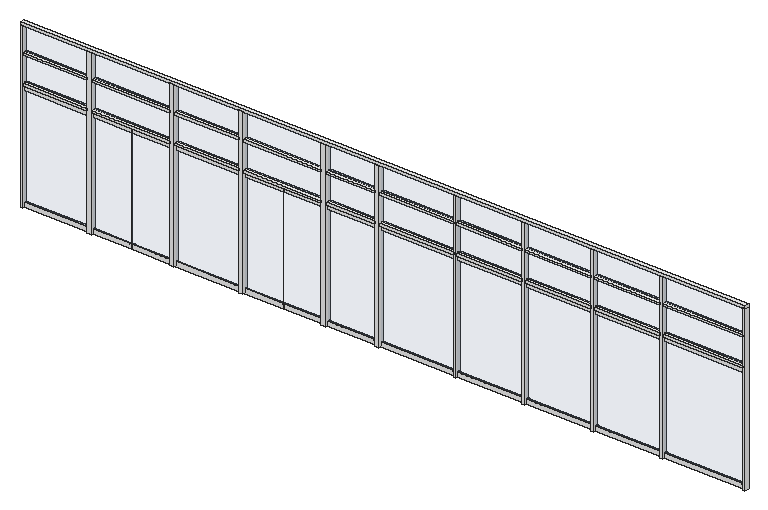
Revit family
Parameters
  프레임 투영 외부. = 25 mm
  프레임 투영 내부. = 25 mm
  프레임 폭 = 75 mm
  Height = 3600 mm
  Wall Closure = (empty or 0)
  Width = 15765 mm
  문 폭 = 1800 mm
  문 두께 = 100 mm
  문 패널 = SSD6 문 패널
  문 높이 = 2400 mm
  문 프레임 = SSD6 문 프레임
Reference planes
  plane 1: y = 0
  plane 2 "왼쪽": x = -9107.5
  plane 3 "오른쪽": x = 6657.5
  plane 4: z = 3600
  plane 5 "외부": y = 75
  plane 6 "내부": y = -75
  plane 7: x = -9057.5
  plane 8: y = 50
  plane 9: y = -50
  plane 10: z = 3550
  plane 11: z = 2375
  plane 12: z = 2425
  plane 13: z = 2275
  plane 14: z = 100
  plane 15: y = 6
  plane 16: y = -6
  plane 17: y = 16
  plane 18: y = -16
  plane 19: x = -1225
  plane 20: z = 600
  plane 21: z = 1200
  plane 22: z = 2400
  plane 23: z = 3000
  plane 24: z = 2975
  plane 25: z = 3025
  plane 26: x = -2507.5
  plane 27: x = -2557.5
  plane 28: x = -3342.5
  plane 29: x = -3472.5
  plane 30: x = -4307.5
  plane 31: x = -5757.5
  plane 32: x = -5807.5
  plane 33: x = -3407.5
  plane 34: x = -7607.5
  plane 35: x = -5857.5
  plane 36: x = -1347.5
  plane 37: x = 342.5
  plane 38: x = 1842.5
  plane 39: x = 3342.5
  plane 40: x = -2457.5
  plane 41: x = -4357.5
  plane 42: x = -4257.5
  plane 43: x = -1297.5
  plane 44: x = -1397.5
  plane 45: x = 317.5
  plane 46: x = 367.5
  plane 47: x = 1817.5
  plane 48: x = 1867.5
  plane 49: x = 3367.5
  plane 50: x = 3317.5
  plane 51: x = 6607.5
  plane 52: x = -7657.5
  plane 53: x = -7557.5
  plane 54: x = 4842.5
  plane 55: x = 4867.5
  plane 56: x = 4817.5
  plane 57: x = -6642.5
  plane 58: x = -6772.5
  plane 59: x = -6707.5
Forms (mm)
  Extrusion 1, solid, material "SSD6 문 프레임" <- "문 프레임"
    sketch origin (-2581.693, 300, 3000) x (0, 1, 0) y (1, 0, 0)
      loop
        line (-250, -6525.807) -> (-250, -6475.807) -> (-350, -6475.807) -> (-350, -6525.807) -> (-250, -6525.807)
      loop
        line (-250, -5075.807) -> (-250, -4975.807) -> (-350, -4975.807) -> (-350, -5075.807) -> (-250, -5075.807)
      loop
        line (-250, -3275.807) -> (-250, -3175.807) -> (-350, -3175.807) -> (-350, -3275.807) -> (-250, -3275.807)
      loop
        line (-250, -1775.807) -> (-250, -1675.807) -> (-350, -1675.807) -> (-350, -1775.807) -> (-250, -1775.807)
      loop
        line (-250, 24.193) -> (-250, 124.193) -> (-350, 124.193) -> (-350, 24.193) -> (-250, 24.193)
      loop
        line (-250, 1184.193) -> (-250, 1284.193) -> (-350, 1284.193) -> (-350, 1184.193) -> (-250, 1184.193)
      loop
        line (-250, 2899.193) -> (-250, 2949.193) -> (-350, 2949.193) -> (-350, 2899.193) -> (-250, 2899.193)
      loop
        line (-250, 4399.193) -> (-250, 4449.193) -> (-350, 4449.193) -> (-350, 4399.193) -> (-250, 4399.193)
      loop
        line (-250, 5899.193) -> (-250, 5949.193) -> (-350, 5949.193) -> (-350, 5899.193) -> (-250, 5899.193)
      loop
        line (-250, 9189.193) -> (-250, 9239.193) -> (-350, 9239.193) -> (-350, 9189.193) -> (-250, 9189.193)
      loop
        line (-250, 7399.193) -> (-250, 7449.193) -> (-350, 7449.193) -> (-350, 7399.193) -> (-250, 7399.193)
    from -550 to 3000
  Extrusion 2, solid, material "SSD6 문 프레임" <- "문 프레임"
    sketch origin (-2581.693, 300, 3000) x (0, 1, 0) y (1, 0, 0)
      loop
        line (-250, -6525.807) -> (-250, 9239.193) -> (-350, 9239.193) -> (-350, -6525.807) -> (-250, -6525.807)
    from -600 to -550
  Extrusion 3, solid, material "SSD6 문 프레임" <- "문 프레임"
    sketch origin (3388.377, 300, 100) x (1, 0, 0) y (0, 1, 0)
      loop
        line (-12445.877, -284) -> (-12445.877, -294) -> (-11045.877, -294) -> (-11045.877, -284) -> (-12445.877, -284)
      loop
        line (-12445.877, -316) -> (-11045.877, -316) -> (-11045.877, -306) -> (-12445.877, -306) -> (-12445.877, -316)
    from -100 to 0
  Extrusion 4, solid, material "SSD6 문 프레임" <- "문 프레임"
    sketch origin (3388.377, 300, 100) x (1, 0, 0) y (0, 1, 0)
      loop
        line (-10945.877, -294) -> (-10095.877, -294) -> (-10095.877, -284) -> (-10945.877, -284) -> (-10945.877, -294)
      loop
        line (-10945.877, -316) -> (-10095.877, -316) -> (-10095.877, -306) -> (-10945.877, -306) -> (-10945.877, -316)
    from -100 to 0
  Extrusion 5, solid, material "SSD6 문 프레임" <- "문 프레임"
    sketch origin (3388.377, 300, 100) x (1, 0, 0) y (0, 1, 0)
      loop
        line (-9145.877, -294) -> (-7745.877, -294) -> (-7745.877, -284) -> (-9145.877, -284) -> (-9145.877, -294)
      loop
        line (-9145.877, -316) -> (-7745.877, -316) -> (-7745.877, -306) -> (-9145.877, -306) -> (-9145.877, -316)
    from -100 to 0
  Extrusion 6, solid, material "SSD6 문 프레임" <- "문 프레임"
    sketch origin (3388.377, 300, 100) x (1, 0, 0) y (0, 1, 0)
      loop
        line (-10095.877, -294) -> (-9245.877, -294) -> (-9245.877, -284) -> (-10095.877, -284) -> (-10095.877, -294)
      loop
        line (-10095.877, -316) -> (-9245.877, -316) -> (-9245.877, -306) -> (-10095.877, -306) -> (-10095.877, -316)
    from -100 to 0
  Extrusion 7, solid, material "SSD6 문 프레임" <- "문 프레임"
    sketch origin (3388.377, 300, 100) x (1, 0, 0) y (0, 1, 0)
      loop
        line (-7645.877, -294) -> (-6795.877, -294) -> (-6795.877, -284) -> (-7645.877, -284) -> (-7645.877, -294)
      loop
        line (-7645.877, -316) -> (-6795.877, -316) -> (-6795.877, -306) -> (-7645.877, -306) -> (-7645.877, -316)
    from -100 to 0
  Extrusion 8, solid, material "SSD6 문 프레임" <- "문 프레임"
    sketch origin (3388.377, 300, 100) x (1, 0, 0) y (0, 1, 0)
      loop
        line (-6795.877, -294) -> (-5945.877, -294) -> (-5945.877, -284) -> (-6795.877, -284) -> (-6795.877, -294)
      loop
        line (-6795.877, -306) -> (-6795.877, -316) -> (-5945.877, -316) -> (-5945.877, -306) -> (-6795.877, -306)
    from -100 to 0
  Extrusion 9, solid, material "SSD6 문 프레임" <- "문 프레임"
    sketch origin (3388.377, 300, 100) x (1, 0, 0) y (0, 1, 0)
      loop
        line (-5845.877, -284) -> (-5845.877, -294) -> (-4785.877, -294) -> (-4785.877, -284) -> (-5845.877, -284)
      loop
        line (-5845.877, -316) -> (-4785.877, -316) -> (-4785.877, -306) -> (-5845.877, -306) -> (-5845.877, -316)
    from -100 to 0
  Extrusion 10, solid, material "SSD6 문 프레임" <- "문 프레임"
    sketch origin (3388.377, 300, 100) x (1, 0, 0) y (0, 1, 0)
      loop
        line (-4685.877, -294) -> (-3070.877, -294) -> (-3070.877, -284) -> (-4685.877, -284) -> (-4685.877, -294)
      loop
        line (-4685.877, -316) -> (-3070.877, -316) -> (-3070.877, -306) -> (-4685.877, -306) -> (-4685.877, -316)
    from -100 to 0
  Extrusion 11, solid, material "SSD6 문 프레임" <- "문 프레임"
    sketch origin (3388.377, 300, 100) x (1, 0, 0) y (0, 1, 0)
      loop
        line (-3020.877, -294) -> (-1570.877, -294) -> (-1570.877, -284) -> (-3020.877, -284) -> (-3020.877, -294)
      loop
        line (-3020.877, -316) -> (-1570.877, -316) -> (-1570.877, -306) -> (-3020.877, -306) -> (-3020.877, -316)
    from -100 to 0
  Extrusion 12, solid, material "SSD6 문 프레임" <- "문 프레임"
    sketch origin (3388.377, 300, 100) x (1, 0, 0) y (0, 1, 0)
      loop
        line (-1520.877, -294) -> (-70.877, -294) -> (-70.877, -284) -> (-1520.877, -284) -> (-1520.877, -294)
      loop
        line (-1520.877, -316) -> (-70.877, -316) -> (-70.877, -306) -> (-1520.877, -306) -> (-1520.877, -316)
    from -100 to 0
  Extrusion 13, solid, material "SSD6 문 프레임" <- "문 프레임"
    sketch origin (3388.377, 300, 100) x (1, 0, 0) y (0, 1, 0)
      loop
        line (-20.877, -294) -> (1429.123, -294) -> (1429.123, -284) -> (-20.877, -284) -> (-20.877, -294)
      loop
        line (-20.877, -306) -> (-20.877, -316) -> (1429.123, -316) -> (1429.123, -306) -> (-20.877, -306)
    from -100 to 0
  Extrusion 14, solid, material "SSD6 문 패널" <- "문 패널"
    sketch origin (3388.377, 300, 100) x (1, 0, 0) y (0, 1, 0)
      loop
        line (-12445.877, -294) -> (-12445.877, -306) -> (-11045.877, -306) -> (-11045.877, -294) -> (-12445.877, -294)
      loop
        line (-5845.877, -306) -> (-4785.877, -306) -> (-4785.877, -294) -> (-5845.877, -294) -> (-5845.877, -306)
      loop
        line (-4685.877, -306) -> (-3070.877, -306) -> (-3070.877, -294) -> (-4685.877, -294) -> (-4685.877, -306)
      loop
        line (-3020.877, -306) -> (-1570.877, -306) -> (-1570.877, -294) -> (-3020.877, -294) -> (-3020.877, -306)
      loop
        line (-1520.877, -306) -> (-70.877, -306) -> (-70.877, -294) -> (-1520.877, -294) -> (-1520.877, -306)
      loop
        line (-20.877, -306) -> (1429.123, -306) -> (1429.123, -294) -> (-20.877, -294) -> (-20.877, -306)
      loop
        line (1479.123, -294) -> (1479.123, -306) -> (3219.123, -306) -> (3219.123, -294) -> (1479.123, -294)
      loop
        line (-9145.877, -306) -> (-7745.877, -306) -> (-7745.877, -294) -> (-9145.877, -294) -> (-9145.877, -306)
    from -100 to 2275
  Extrusion 15, solid, material "SSD6 문 패널" <- "문 패널"
    sketch origin (3388.377, 300, 100) x (1, 0, 0) y (0, 1, 0)
      loop
        line (-10945.877, -294) -> (-10945.877, -306) -> (-10095.877, -306) -> (-10095.877, -294) -> (-10945.877, -294)
    from -100 to 2275
  Extrusion 16, solid, material "SSD6 문 패널" <- "문 패널"
    sketch origin (3388.377, 300, 100) x (1, 0, 0) y (0, 1, 0)
      loop
        line (-10095.877, -306) -> (-9245.877, -306) -> (-9245.877, -294) -> (-10095.877, -294) -> (-10095.877, -306)
    from -100 to 2275
  Extrusion 17, solid, material "SSD6 문 패널" <- "문 패널"
    sketch origin (3388.377, 300, 100) x (1, 0, 0) y (0, 1, 0)
      loop
        line (-7645.877, -294) -> (-7645.877, -306) -> (-6795.877, -306) -> (-6795.877, -294) -> (-7645.877, -294)
    from -100 to 2275
  Extrusion 18, solid, material "SSD6 문 패널" <- "문 패널"
    sketch origin (3388.377, 300, 100) x (1, 0, 0) y (0, 1, 0)
      loop
        line (-6795.877, -306) -> (-5945.877, -306) -> (-5945.877, -294) -> (-6795.877, -294) -> (-6795.877, -306)
    from -100 to 2275
  Extrusion 19, solid, material "SSD6 문 프레임" <- "문 프레임"
    sketch origin (-2581.693, 300, 2275) x (0, 1, 0) y (1, 0, 0)
      loop
        line (-294, -6475.807) -> (-284, -6475.807) -> (-284, -5075.807) -> (-294, -5075.807) -> (-294, -6475.807)
      loop
        line (-316, -6475.807) -> (-306, -6475.807) -> (-306, -5075.807) -> (-316, -5075.807) -> (-316, -6475.807)
    from 0 to -100
  Extrusion 20, solid, material "SSD6 문 프레임" <- "문 프레임"
    sketch origin (-2581.693, 300, 2275) x (0, 1, 0) y (1, 0, 0)
      loop
        line (-294, -4975.807) -> (-284, -4975.807) -> (-284, -4125.807) -> (-294, -4125.807) -> (-294, -4975.807)
      loop
        line (-316, -4975.807) -> (-306, -4975.807) -> (-306, -4125.807) -> (-316, -4125.807) -> (-316, -4975.807)
    from 0 to -100
  Extrusion 21, solid, material "SSD6 문 프레임" <- "문 프레임"
    sketch origin (-2581.693, 300, 2275) x (0, 1, 0) y (1, 0, 0)
      loop
        line (-294, -1775.807) -> (-294, -3175.807) -> (-284, -3175.807) -> (-284, -1775.807) -> (-294, -1775.807)
      loop
        line (-316, -1775.807) -> (-316, -3175.807) -> (-306, -3175.807) -> (-306, -1775.807) -> (-316, -1775.807)
    from 0 to -100
  Extrusion 22, solid, material "SSD6 문 프레임" <- "문 프레임"
    sketch origin (-2581.693, 300, 2275) x (0, 1, 0) y (1, 0, 0)
      loop
        line (-294, -1675.807) -> (-284, -1675.807) -> (-284, -825.807) -> (-294, -825.807) -> (-294, -1675.807)
      loop
        line (-316, -1675.807) -> (-306, -1675.807) -> (-306, -825.807) -> (-316, -825.807) -> (-316, -1675.807)
    from 0 to -100
  Extrusion 23, solid, material "SSD6 문 프레임" <- "문 프레임"
    sketch origin (-2581.693, 300, 2275) x (0, 1, 0) y (1, 0, 0)
      loop
        line (-294, -825.807) -> (-284, -825.807) -> (-284, 24.193) -> (-294, 24.193) -> (-294, -825.807)
      loop
        line (-316, -825.807) -> (-306, -825.807) -> (-306, 24.193) -> (-316, 24.193) -> (-316, -825.807)
    from 0 to -100
  Extrusion 24, solid, material "SSD6 문 프레임" <- "문 프레임"
    sketch origin (-2581.693, 300, 2275) x (0, 1, 0) y (1, 0, 0)
      loop
        line (-294, 124.193) -> (-284, 124.193) -> (-284, 1184.193) -> (-294, 1184.193) -> (-294, 124.193)
      loop
        line (-316, 124.193) -> (-306, 124.193) -> (-306, 1184.193) -> (-316, 1184.193) -> (-316, 124.193)
    from 0 to -100
  Extrusion 25, solid, material "SSD6 문 프레임" <- "문 프레임"
    sketch origin (-2581.693, 300, 2275) x (0, 1, 0) y (1, 0, 0)
      loop
        line (-294, 1284.193) -> (-284, 1284.193) -> (-284, 2899.193) -> (-294, 2899.193) -> (-294, 1284.193)
      loop
        line (-316, 1284.193) -> (-306, 1284.193) -> (-306, 2899.193) -> (-316, 2899.193) -> (-316, 1284.193)
    from 0 to -100
  Extrusion 26, solid, material "SSD6 문 프레임" <- "문 프레임"
    sketch origin (-2581.693, 300, 2275) x (0, 1, 0) y (1, 0, 0)
      loop
        line (-294, 2949.193) -> (-284, 2949.193) -> (-284, 4399.193) -> (-294, 4399.193) -> (-294, 2949.193)
      loop
        line (-316, 2949.193) -> (-306, 2949.193) -> (-306, 4399.193) -> (-316, 4399.193) -> (-316, 2949.193)
    from 0 to -100
  Extrusion 27, solid, material "SSD6 문 프레임" <- "문 프레임"
    sketch origin (-2581.693, 300, 2275) x (0, 1, 0) y (1, 0, 0)
      loop
        line (-294, 4449.193) -> (-284, 4449.193) -> (-284, 5899.193) -> (-294, 5899.193) -> (-294, 4449.193)
      loop
        line (-316, 4449.193) -> (-306, 4449.193) -> (-306, 5899.193) -> (-316, 5899.193) -> (-316, 4449.193)
    from 0 to -100
  Extrusion 28, solid, material "SSD6 문 프레임" <- "문 프레임"
    sketch origin (-2581.693, 300, 2275) x (0, 1, 0) y (1, 0, 0)
      loop
        line (-294, 5949.193) -> (-284, 5949.193) -> (-284, 7399.193) -> (-294, 7399.193) -> (-294, 5949.193)
      loop
        line (-316, 5949.193) -> (-306, 5949.193) -> (-306, 7399.193) -> (-316, 7399.193) -> (-316, 5949.193)
    from 0 to -100
  Extrusion 29, solid, material "SSD6 문 프레임" <- "문 프레임"
    sketch origin (-2581.693, 300, 2425) x (0, 1, 0) y (1, 0, 0)
      loop
        line (-250, -6475.807) -> (-250, -5075.807) -> (-350, -5075.807) -> (-350, -6475.807) -> (-250, -6475.807)
      loop
        line (-350, -4975.807) -> (-250, -4975.807) -> (-250, -3275.807) -> (-350, -3275.807) -> (-350, -4975.807)
      loop
        line (-350, -3175.807) -> (-250, -3175.807) -> (-250, -1775.807) -> (-350, -1775.807) -> (-350, -3175.807)
      loop
        line (-350, -1675.807) -> (-250, -1675.807) -> (-250, 24.193) -> (-350, 24.193) -> (-350, -1675.807)
      loop
        line (-350, 124.193) -> (-250, 124.193) -> (-250, 1184.193) -> (-350, 1184.193) -> (-350, 124.193)
      loop
        line (-350, 1284.193) -> (-250, 1284.193) -> (-250, 2899.193) -> (-350, 2899.193) -> (-350, 1284.193)
      loop
        line (-350, 2949.193) -> (-250, 2949.193) -> (-250, 4399.193) -> (-350, 4399.193) -> (-350, 2949.193)
      loop
        line (-350, 4449.193) -> (-250, 4449.193) -> (-250, 5899.193) -> (-350, 5899.193) -> (-350, 4449.193)
      loop
        line (-350, 5949.193) -> (-250, 5949.193) -> (-250, 7399.193) -> (-350, 7399.193) -> (-350, 5949.193)
      loop
        line (-250, 9189.193) -> (-350, 9189.193) -> (-350, 7449.193) -> (-250, 7449.193) -> (-250, 9189.193)
    from 0 to 50
  Extrusion 30, solid, material "SSD6 문 패널" <- "문 패널"
    sketch origin (-2581.693, 300, 2975) x (0, 1, 0) y (1, 0, 0)
      loop
        line (-306, -6475.807) -> (-294, -6475.807) -> (-294, -5075.807) -> (-306, -5075.807) -> (-306, -6475.807)
      loop
        line (-306, -4975.807) -> (-294, -4975.807) -> (-294, -3275.807) -> (-306, -3275.807) -> (-306, -4975.807)
      loop
        line (-306, -3175.807) -> (-294, -3175.807) -> (-294, -1775.807) -> (-306, -1775.807) -> (-306, -3175.807)
      loop
        line (-306, -1675.807) -> (-294, -1675.807) -> (-294, 24.193) -> (-306, 24.193) -> (-306, -1675.807)
      loop
        line (-306, 124.193) -> (-294, 124.193) -> (-294, 1184.193) -> (-306, 1184.193) -> (-306, 124.193)
      loop
        line (-306, 1284.193) -> (-294, 1284.193) -> (-294, 2899.193) -> (-306, 2899.193) -> (-306, 1284.193)
      loop
        line (-306, 2949.193) -> (-294, 2949.193) -> (-294, 4399.193) -> (-306, 4399.193) -> (-306, 2949.193)
      loop
        line (-306, 4449.193) -> (-294, 4449.193) -> (-294, 5899.193) -> (-306, 5899.193) -> (-306, 4449.193)
      loop
        line (-306, 5949.193) -> (-294, 5949.193) -> (-294, 7399.193) -> (-306, 7399.193) -> (-306, 5949.193)
    from 0 to 550
  Extrusion 31, solid, material "SSD6 문 프레임" <- "문 프레임"
    sketch origin (-2581.693, 300, 3025) x (0, 1, 0) y (1, 0, 0)
      loop
        line (-350, -6475.807) -> (-250, -6475.807) -> (-250, -5075.807) -> (-350, -5075.807) -> (-350, -6475.807)
      loop
        line (-350, -4975.807) -> (-250, -4975.807) -> (-250, -3275.807) -> (-350, -3275.807) -> (-350, -4975.807)
      loop
        line (-350, -3175.807) -> (-250, -3175.807) -> (-250, -1775.807) -> (-350, -1775.807) -> (-350, -3175.807)
      loop
        line (-350, -1675.807) -> (-250, -1675.807) -> (-250, 24.193) -> (-350, 24.193) -> (-350, -1675.807)
      loop
        line (-350, 124.193) -> (-250, 124.193) -> (-250, 1184.193) -> (-350, 1184.193) -> (-350, 124.193)
      loop
        line (-350, 1284.193) -> (-250, 1284.193) -> (-250, 2899.193) -> (-350, 2899.193) -> (-350, 1284.193)
      loop
        line (-350, 2949.193) -> (-250, 2949.193) -> (-250, 4399.193) -> (-350, 4399.193) -> (-350, 2949.193)
      loop
        line (-350, 4449.193) -> (-250, 4449.193) -> (-250, 5899.193) -> (-350, 5899.193) -> (-350, 4449.193)
      loop
        line (-350, 5949.193) -> (-250, 5949.193) -> (-250, 7399.193) -> (-350, 7399.193) -> (-350, 5949.193)
      loop
        line (-250, 9189.193) -> (-350, 9189.193) -> (-350, 7449.193) -> (-250, 7449.193) -> (-250, 9189.193)
    from 0 to 50
  Extrusion 32, solid, material "SSD6 문 패널" <- "문 패널"
    sketch origin (-2581.693, 300, 3550) x (0, 1, 0) y (1, 0, 0)
      loop
        line (-306, -6475.807) -> (-294, -6475.807) -> (-294, -5075.807) -> (-306, -5075.807) -> (-306, -6475.807)
      loop
        line (-306, -1675.807) -> (-294, -1675.807) -> (-294, 24.193) -> (-306, 24.193) -> (-306, -1675.807)
      loop
        line (-306, 124.193) -> (-294, 124.193) -> (-294, 1184.193) -> (-306, 1184.193) -> (-306, 124.193)
      loop
        line (-306, 1284.193) -> (-294, 1284.193) -> (-294, 2899.193) -> (-306, 2899.193) -> (-306, 1284.193)
      loop
        line (-306, 2949.193) -> (-294, 2949.193) -> (-294, 4399.193) -> (-306, 4399.193) -> (-306, 2949.193)
      loop
        line (-306, 4449.193) -> (-294, 4449.193) -> (-294, 5899.193) -> (-306, 5899.193) -> (-306, 4449.193)
      loop
        line (-306, 5949.193) -> (-294, 5949.193) -> (-294, 7399.193) -> (-306, 7399.193) -> (-306, 5949.193)
      loop
        line (-306, -4975.807) -> (-294, -4975.807) -> (-294, -3275.807) -> (-306, -3275.807) -> (-306, -4975.807)
      loop
        line (-306, -3175.807) -> (-294, -3175.807) -> (-294, -1775.807) -> (-306, -1775.807) -> (-306, -3175.807)
    from 0 to 525
  Extrusion 33, solid, material "SSD6 문 프레임" <- "문 프레임"
    sketch origin (-2581.693, 300, 3550) x (0, 1, 0) y (1, 0, 0)
      loop
        line (-294, 9189.193) -> (-294, 7449.193) -> (-284, 7449.193) -> (-284, 9189.193) -> (-294, 9189.193)
      loop
        line (-306, 9189.193) -> (-316, 9189.193) -> (-316, 7449.193) -> (-306, 7449.193) -> (-306, 9189.193)
    from 3450 to 3550
  Extrusion 34, solid, material "SSD6 문 프레임" <- "문 프레임"
    sketch origin (-2581.693, 300, 3550) x (0, 1, 0) y (1, 0, 0)
      loop
        line (-294, 9189.193) -> (-294, 7449.193) -> (-284, 7449.193) -> (-284, 9189.193) -> (-294, 9189.193)
      loop
        line (-316, 9189.193) -> (-316, 7449.193) -> (-306, 7449.193) -> (-306, 9189.193) -> (-316, 9189.193)
    from 1175 to 1275
  Extrusion 35, solid, material "SSD6 문 패널" <- "문 패널"
    sketch origin (-2581.693, 300, 3550) x (0, 1, 0) y (1, 0, 0)
      loop
        line (-294, 7449.193) -> (-294, 9189.193) -> (-306, 9189.193) -> (-306, 7449.193) -> (-294, 7449.193)
    from 575 to 1125
  Extrusion 36, solid, material "SSD6 문 패널" <- "문 패널"
    sketch origin (-2581.693, 300, 3550) x (0, 1, 0) y (1, 0, 0)
      loop
        line (-294, 7449.193) -> (-294, 9189.193) -> (-306, 9189.193) -> (-306, 7449.193) -> (-294, 7449.193)
    from 0 to 525
  Extrusion 37, solid, material "SSD6 문 프레임" <- "문 프레임"
    sketch origin (-2581.693, 300, 3550) x (0, 1, 0) y (1, 0, 0)
      loop
        line (-294, -4125.807) -> (-284, -4125.807) -> (-284, -3275.807) -> (-294, -3275.807) -> (-294, -4125.807)
      loop
        line (-316, -4125.807) -> (-306, -4125.807) -> (-306, -3275.807) -> (-316, -3275.807) -> (-316, -4125.807)
    from 1175 to 1275
Lines and regions (mm)
  Opening 1
    outline origin (-3050, -75, 0) x (1, 0, 0) y (0, 0, 1)
      loop
        line (-6057.5, 0) -> (9707.5, 0) -> (9707.5, 3600) -> (-6057.5, 3600) -> (-6057.5, 0)
Text (mm)
  text "외부" at (-2295.016, 1099.543, 0), in view "참조 레벨"
  text "외부" at (0, 1615.38, 3698.081), in view "왼쪽"
  text "외부" at (0, 1036.032, 3874.932), in view "오른쪽"
Dimensions and locks
  plane 2 "왼쪽" to plane 3 "오른쪽" = 15765 mm
  "Width": plane 2 "왼쪽" to plane 3 "오른쪽"
  "Height": plane 4 to host wall
  "문 높이": host wall to plane 22
  host wall to plane 4 = 3600 mm
  locked: plane 5 "외부" to host wall at 0
  locked: plane 6 "내부" to host wall
  locked: plane 2 "왼쪽" to plane 7 at 50
  "문 두께": plane 8 to plane 9
  locked: plane 10 to plane 4 at 50
  locked: plane 11 to plane 12 at 50
  locked: plane 13 to plane 11 at 100
  locked: level to plane 14 at 100
  plane 15 to host wall to plane 16 = 6 mm locked, 6 mm locked
  locked: plane 16 to plane 18 at 10
  locked: plane 17 to plane 15 at 10
  locked: level to plane 21 at 1200
  locked: plane 11 to plane 22 at 25
  equal spacing: plane 22, plane 23, plane 4
  plane 24 to plane 23 to plane 25 = 25 mm locked, 25 mm locked
  equal spacing: plane 2 "왼쪽", plane 19, plane 3 "오른쪽"
  plane 28 to plane 33 to plane 29 = 65 mm locked, 65 mm locked
  plane 2 "왼쪽" to plane 34 = 1500 mm
  plane 34 to plane 32 = 1800 mm
  plane 35 to plane 32 to plane 31 = 50 mm locked, 50 mm locked
  "문 폭": plane 30 to plane 26
  plane 32 to plane 30 = 1500 mm
  equal spacing: plane 30, plane 33, plane 26
  locked: plane 26 to plane 36 at 1160
  locked: plane 36 to plane 37 at 1690
  locked: plane 37 to plane 38 at 1500
  locked: plane 38 to plane 39 at 1500
  plane 41 to plane 30 to plane 42 = 50 mm locked, 50 mm locked
  plane 27 to plane 26 to plane 40 = 50 mm locked, 50 mm locked
  locked: plane 51 to plane 3 "오른쪽" at 50
  plane 50 to plane 39 to plane 49 = 25 mm locked, 25 mm locked
  plane 47 to plane 38 to plane 48 = 25 mm locked, 25 mm locked
  plane 45 to plane 37 to plane 46 = 25 mm locked, 25 mm locked
  plane 44 to plane 36 to plane 43 = 50 mm locked, 50 mm locked
  plane 52 to plane 34 to plane 53 = 50 mm locked, 50 mm locked
  plane 56 to plane 54 to plane 55 = 25 mm locked, 25 mm locked
  locked: plane 39 to plane 54 at 1500
  plane 57 to plane 59 to plane 58 = 65 mm locked, 65 mm locked
  equal spacing: plane 34, plane 59, plane 32
  equal spacing: plane 8, plane 1, plane 9
  aligned and locked: plane 2 "왼쪽" to Opening 1 sketch curve
  aligned and locked: plane 4 to Opening 1 sketch curve
  aligned and locked: Opening 1 sketch curve to plane 4
  aligned and locked: Opening 1 sketch curve to plane 3 "오른쪽"
  aligned and locked: Opening 1 sketch curve to level
  aligned and locked: host wall to plane 1
  aligned and locked: plane 2 "왼쪽" to Extrusion 1 sketch curve
  aligned and locked: Extrusion 1 sketch curve to plane 8
  aligned and locked: Extrusion 1 sketch curve to plane 9
  aligned and locked: Extrusion 1 sketch curve to plane 7
  aligned and locked: plane 52 to Extrusion 1 sketch curve
  aligned and locked: plane 8 to Extrusion 1 sketch curve  (x10)
  aligned and locked: plane 9 to Extrusion 1 sketch curve  (x9)
  aligned and locked: Extrusion 1 sketch curve to plane 53
  aligned and locked: plane 35 to Extrusion 1 sketch curve
  aligned and locked: Extrusion 1 sketch curve to plane 31
  aligned and locked: plane 41 to Extrusion 1 sketch curve
  aligned and locked: plane 42 to Extrusion 1 sketch curve
  aligned and locked: plane 27 to Extrusion 1 sketch curve
  aligned and locked: Extrusion 1 sketch curve to plane 40
  aligned and locked: plane 44 to Extrusion 1 sketch curve
  aligned and locked: Extrusion 1 sketch curve to plane 43
  aligned and locked: plane 45 to Extrusion 1 sketch curve
  aligned and locked: Extrusion 1 sketch curve to plane 46
  aligned and locked: plane 47 to Extrusion 1 sketch curve
  aligned and locked: Extrusion 1 sketch curve to plane 48
  aligned and locked: plane 50 to Extrusion 1 sketch curve
  aligned and locked: Extrusion 1 sketch curve to plane 49
  aligned and locked: plane 51 to Extrusion 1 sketch curve
  aligned and locked: Extrusion 1 sketch curve to plane 3 "오른쪽"
  aligned and locked: Extrusion 1 to level
  aligned and locked: Extrusion 1 to plane 10
  aligned and locked: Extrusion 1 to Extrusion 2 sketch curve
  aligned and locked: Extrusion 2 sketch curve to Extrusion 1  (x3)
  aligned and locked: Extrusion 2 to host wall
  aligned and locked: Extrusion 2 to plane 10
  aligned and locked: plane 7 to Extrusion 3 sketch curve
  aligned and locked: Extrusion 3 sketch curve to plane 17
  aligned and locked: plane 15 to Extrusion 3 sketch curve
  aligned and locked: plane 52 to Extrusion 3 sketch curve
  aligned and locked: Extrusion 3 sketch curve to plane 18
  aligned and locked: plane 16 to Extrusion 3 sketch curve
  aligned and locked: Extrusion 3 sketch curve to plane 52
  aligned and locked: plane 53 to Extrusion 4 sketch curve  (x2)
  aligned and locked: Extrusion 4 sketch curve to plane 15
  aligned and locked: plane 17 to Extrusion 4 sketch curve
  aligned and locked: Extrusion 4 sketch curve to plane 18
  aligned and locked: plane 16 to Extrusion 4 sketch curve
  aligned and locked: plane 31 to Extrusion 5 sketch curve  (x2)
  aligned and locked: Extrusion 5 sketch curve to plane 15
  aligned and locked: plane 17 to Extrusion 5 sketch curve
  aligned and locked: Extrusion 5 sketch curve to plane 18
  aligned and locked: plane 16 to Extrusion 5 sketch curve
  aligned and locked: Extrusion 6 sketch curve to Extrusion 5  (x2)
  aligned and locked: plane 17 to Extrusion 6 sketch curve
  aligned and locked: plane 16 to Extrusion 6 sketch curve
  aligned and locked: plane 42 to Extrusion 7 sketch curve  (x2)
  aligned and locked: Extrusion 7 sketch curve to plane 15
  aligned and locked: plane 17 to Extrusion 7 sketch curve
  aligned and locked: plane 33 to Extrusion 7 sketch curve  (x2)
  aligned and locked: Extrusion 7 sketch curve to plane 18
  aligned and locked: plane 16 to Extrusion 7 sketch curve
  aligned and locked: Extrusion 8 sketch curve to Extrusion 7  (x2)
  aligned and locked: Extrusion 7 to Extrusion 8 sketch curve  (x2)
  aligned and locked: plane 17 to Extrusion 8 sketch curve
  aligned and locked: plane 27 to Extrusion 8 sketch curve
  aligned and locked: plane 18 to Extrusion 8 sketch curve
  aligned and locked: Extrusion 8 sketch curve to plane 27
  aligned and locked: plane 40 to Extrusion 9 sketch curve  (x2)
  aligned and locked: Extrusion 9 sketch curve to plane 17
  aligned and locked: plane 15 to Extrusion 9 sketch curve
  aligned and locked: plane 44 to Extrusion 9 sketch curve
  aligned and locked: plane 16 to Extrusion 9 sketch curve
  aligned and locked: Extrusion 9 sketch curve to plane 44
  aligned and locked: plane 43 to Extrusion 10 sketch curve  (x2)
  aligned and locked: Extrusion 10 sketch curve to plane 15
  aligned and locked: plane 17 to Extrusion 10 sketch curve
  aligned and locked: Extrusion 10 sketch curve to plane 45  (x2)
  aligned and locked: Extrusion 10 sketch curve to plane 18
  aligned and locked: plane 16 to Extrusion 10 sketch curve
  aligned and locked: plane 46 to Extrusion 11 sketch curve  (x2)
  aligned and locked: Extrusion 11 sketch curve to plane 15
  aligned and locked: plane 17 to Extrusion 11 sketch curve
  aligned and locked: Extrusion 11 sketch curve to plane 47  (x2)
  aligned and locked: Extrusion 11 sketch curve to plane 18
  aligned and locked: plane 16 to Extrusion 11 sketch curve
  aligned and locked: plane 48 to Extrusion 12 sketch curve  (x2)
  aligned and locked: Extrusion 12 sketch curve to plane 15
  aligned and locked: plane 17 to Extrusion 12 sketch curve
  aligned and locked: Extrusion 12 sketch curve to plane 50  (x2)
  aligned and locked: Extrusion 12 sketch curve to plane 18
  aligned and locked: plane 16 to Extrusion 12 sketch curve
  aligned and locked: plane 49 to Extrusion 13 sketch curve
  aligned and locked: Extrusion 13 sketch curve to plane 15
  aligned and locked: plane 17 to Extrusion 13 sketch curve
  aligned and locked: Extrusion 1 to Extrusion 13
  aligned and locked: plane 14 to Extrusion 13
  aligned and locked: Extrusion 12 to level
  aligned and locked: plane 14 to Extrusion 12
  aligned and locked: Extrusion 11 to level
  aligned and locked: plane 14 to Extrusion 11
  aligned and locked: Extrusion 10 to level
  aligned and locked: plane 14 to Extrusion 10
  aligned and locked: Extrusion 9 to level
  aligned and locked: plane 14 to Extrusion 9
  aligned and locked: Extrusion 7 to level
  aligned and locked: plane 14 to Extrusion 7
  aligned and locked: Extrusion 8 to level
  aligned and locked: plane 14 to Extrusion 8
  aligned and locked: Extrusion 6 to level
  aligned and locked: plane 14 to Extrusion 6
  aligned and locked: Extrusion 5 to level
  aligned and locked: plane 14 to Extrusion 5
  aligned and locked: Extrusion 4 to level
  aligned and locked: plane 14 to Extrusion 4
  aligned and locked: Extrusion 3 to level
  aligned and locked: Extrusion 3 to plane 14
  aligned and locked: Extrusion 3 to Extrusion 14 sketch curve
  aligned and locked: Extrusion 14 sketch curve to Extrusion 3  (x3)
  aligned and locked: Extrusion 9 to Extrusion 14 sketch curve
  aligned and locked: Extrusion 14 sketch curve to Extrusion 9
  aligned and locked: plane 40 to Extrusion 14 sketch curve
  aligned and locked: Extrusion 14 sketch curve to plane 16
  aligned and locked: Extrusion 14 sketch curve to Extrusion 10  (x3)
  aligned and locked: Extrusion 10 to Extrusion 14 sketch curve
  aligned and locked: Extrusion 14 sketch curve to Extrusion 11  (x3)
  aligned and locked: Extrusion 11 to Extrusion 14 sketch curve
  aligned and locked: Extrusion 14 sketch curve to Extrusion 12  (x3)
  aligned and locked: Extrusion 12 to Extrusion 14 sketch curve
  aligned and locked: Extrusion 13 to Extrusion 14 sketch curve
  aligned and locked: Extrusion 14 to level
  aligned and locked: Extrusion 14 to plane 11
  aligned and locked: Extrusion 16 sketch curve to Extrusion 6
  aligned and locked: Extrusion 6 to Extrusion 16 sketch curve
  aligned and locked: Extrusion 7 to Extrusion 17 sketch curve
  aligned and locked: Extrusion 17 sketch curve to Extrusion 7  (x3)
  aligned and locked: Extrusion 18 sketch curve to Extrusion 17
  aligned and locked: Extrusion 18 sketch curve to Extrusion 7
  aligned and locked: Extrusion 8 to Extrusion 18 sketch curve
  aligned and locked: Extrusion 18 sketch curve to Extrusion 8
  aligned and locked: Extrusion 18 to level
  aligned and locked: Extrusion 17 to level
  aligned and locked: Extrusion 16 to level
  aligned and locked: Extrusion 15 to level
  aligned and locked: Extrusion 18 to plane 11
  aligned and locked: Extrusion 17 to plane 11
  aligned and locked: Extrusion 16 to plane 11
  aligned and locked: Extrusion 15 to plane 11
  aligned and locked: Extrusion 14 to Extrusion 19 sketch curve
  aligned and locked: Extrusion 19 sketch curve to Extrusion 3  (x3)
  aligned and locked: plane 17 to Extrusion 19 sketch curve
  aligned and locked: plane 52 to Extrusion 19 sketch curve
  aligned and locked: Extrusion 3 to Extrusion 19 sketch curve
  aligned and locked: Extrusion 19 sketch curve to Extrusion 14
  aligned and locked: Extrusion 20 sketch curve to Extrusion 4  (x4)
  aligned and locked: Extrusion 4 to Extrusion 20 sketch curve
  aligned and locked: Extrusion 5 to Extrusion 21 sketch curve  (x2)
  aligned and locked: Extrusion 17 to Extrusion 22 sketch curve
  aligned and locked: Extrusion 22 sketch curve to Extrusion 7  (x5)
  aligned and locked: Extrusion 7 to Extrusion 22 sketch curve
  aligned and locked: Extrusion 22 sketch curve to Extrusion 17
  aligned and locked: Extrusion 23 sketch curve to Extrusion 17
  aligned and locked: Extrusion 7 to Extrusion 23 sketch curve
  aligned and locked: Extrusion 23 sketch curve to Extrusion 8  (x4)
  aligned and locked: Extrusion 23 sketch curve to Extrusion 7
  aligned and locked: Extrusion 23 sketch curve to Extrusion 18
  aligned and locked: Extrusion 14 to Extrusion 25 sketch curve
  aligned and locked: Extrusion 25 sketch curve to Extrusion 10  (x6)
  aligned and locked: Extrusion 25 sketch curve to Extrusion 14
  aligned and locked: Extrusion 14 to Extrusion 26 sketch curve
  aligned and locked: Extrusion 26 sketch curve to Extrusion 11  (x5)
  aligned and locked: Extrusion 11 to Extrusion 26 sketch curve
  aligned and locked: Extrusion 26 sketch curve to Extrusion 14
  aligned and locked: Extrusion 14 to Extrusion 27 sketch curve
  aligned and locked: Extrusion 27 sketch curve to Extrusion 12  (x5)
  aligned and locked: Extrusion 12 to Extrusion 27 sketch curve
  aligned and locked: Extrusion 27 sketch curve to Extrusion 14
  aligned and locked: Extrusion 14 to Extrusion 28 sketch curve
  aligned and locked: Extrusion 28 sketch curve to Extrusion 13  (x2)
  aligned and locked: Extrusion 28 to plane 11
  aligned and locked: Extrusion 27 to plane 11
  aligned and locked: Extrusion 26 to plane 11
  aligned and locked: Extrusion 25 to plane 11
  aligned and locked: Extrusion 24 to plane 11
  aligned and locked: Extrusion 23 to plane 11
  aligned and locked: Extrusion 22 to plane 11
  aligned and locked: Extrusion 21 to plane 11
  aligned and locked: Extrusion 20 to plane 11
  aligned and locked: Extrusion 19 to plane 11
  aligned and locked: Extrusion 29 sketch curve to Extrusion 1  (x27)
  aligned and locked: Extrusion 1 to Extrusion 29 sketch curve  (x10)
  aligned and locked: plane 9 to Extrusion 29 sketch curve
  aligned and locked: Extrusion 29 to plane 11
  aligned and locked: Extrusion 30 sketch curve to Extrusion 14  (x11)
  aligned and locked: Extrusion 30 sketch curve to Extrusion 3
  aligned and locked: Extrusion 3 to Extrusion 30 sketch curve
  aligned and locked: Extrusion 30 sketch curve to Extrusion 4
  aligned and locked: Extrusion 4 to Extrusion 30 sketch curve
  aligned and locked: plane 31 to Extrusion 30 sketch curve
  aligned and locked: Extrusion 17 to Extrusion 30 sketch curve
  aligned and locked: Extrusion 30 sketch curve to Extrusion 17  (x2)
  aligned and locked: plane 41 to Extrusion 30 sketch curve
  aligned and locked: Extrusion 30 sketch curve to Extrusion 7
  aligned and locked: Extrusion 8 to Extrusion 30 sketch curve
  aligned and locked: Extrusion 30 sketch curve to Extrusion 18
  aligned and locked: Extrusion 9 to Extrusion 30 sketch curve
  aligned and locked: plane 40 to Extrusion 30 sketch curve
  aligned and locked: Extrusion 30 sketch curve to Extrusion 10
  aligned and locked: Extrusion 10 to Extrusion 30 sketch curve
  aligned and locked: Extrusion 30 sketch curve to Extrusion 11
  aligned and locked: Extrusion 11 to Extrusion 30 sketch curve
  aligned and locked: Extrusion 30 sketch curve to Extrusion 12
  aligned and locked: Extrusion 12 to Extrusion 30 sketch curve
  aligned and locked: Extrusion 30 sketch curve to Extrusion 13
  aligned and locked: plane 12 to Extrusion 30
  aligned and locked: Extrusion 1 to Extrusion 31 sketch curve  (x9)
  aligned and locked: Extrusion 31 sketch curve to Extrusion 1  (x27)
  aligned and locked: Extrusion 31 to plane 24
  aligned and locked: Extrusion 32 sketch curve to Extrusion 14  (x10)
  aligned and locked: Extrusion 32 sketch curve to Extrusion 3
  aligned and locked: Extrusion 3 to Extrusion 32 sketch curve
  aligned and locked: Extrusion 32 sketch curve to Extrusion 17
  aligned and locked: Extrusion 32 sketch curve to Extrusion 7
  aligned and locked: Extrusion 8 to Extrusion 32 sketch curve
  aligned and locked: Extrusion 32 sketch curve to Extrusion 18
  aligned and locked: Extrusion 9 to Extrusion 32 sketch curve
  aligned and locked: Extrusion 32 sketch curve to Extrusion 10
  aligned and locked: Extrusion 10 to Extrusion 32 sketch curve
  aligned and locked: Extrusion 11 to Extrusion 32 sketch curve
  aligned and locked: plane 46 to Extrusion 32 sketch curve
  aligned and locked: Extrusion 32 sketch curve to Extrusion 12
  aligned and locked: Extrusion 12 to Extrusion 32 sketch curve
  aligned and locked: Extrusion 32 sketch curve to Extrusion 13
  aligned and locked: plane 25 to Extrusion 32
  aligned and locked: plane 56 to Extrusion 1 sketch curve
  aligned and locked: Extrusion 1 sketch curve to plane 55
  aligned and locked: plane 59 to Extrusion 4 sketch curve  (x2)
  aligned and locked: Extrusion 14 sketch curve to plane 56
  aligned and locked: plane 55 to Extrusion 14 sketch curve
  aligned and locked: Extrusion 14 sketch curve to plane 15
  aligned and locked: Extrusion 13 sketch curve to plane 56
  aligned and locked: plane 56 to Extrusion 13 sketch curve
  aligned and locked: Extrusion 1 to Extrusion 13 sketch curve
  aligned and locked: Extrusion 13 sketch curve to plane 16
  aligned and locked: plane 18 to Extrusion 13 sketch curve
  aligned and locked: Extrusion 33 sketch curve to Extrusion 14  (x3)
  aligned and locked: plane 17 to Extrusion 33 sketch curve
  aligned and locked: plane 55 to Extrusion 33 sketch curve
  aligned and locked: Extrusion 14 to Extrusion 33 sketch curve
  aligned and locked: plane 18 to Extrusion 33 sketch curve
  aligned and locked: Extrusion 33 sketch curve to plane 55
  aligned and locked: Extrusion 33 to level
  aligned and locked: plane 14 to Extrusion 33
  aligned and locked: Extrusion 34 sketch curve to Extrusion 14  (x3)
  aligned and locked: Extrusion 33 to Extrusion 34 sketch curve
  aligned and locked: Extrusion 34 sketch curve to Extrusion 33  (x3)
  aligned and locked: Extrusion 14 to Extrusion 34 sketch curve
  aligned and locked: Extrusion 34 to plane 13
  aligned and locked: Extrusion 34 to plane 11
  aligned and locked: Extrusion 14 to Extrusion 35 sketch curve
  aligned and locked: Extrusion 35 sketch curve to Extrusion 14  (x3)
  aligned and locked: Extrusion 35 to plane 12
  aligned and locked: Extrusion 35 to plane 24
  aligned and locked: Extrusion 29 sketch curve to Extrusion 29 sketch curve  (x2)
  aligned and locked: Extrusion 14 to Extrusion 36 sketch curve
  aligned and locked: Extrusion 36 sketch curve to Extrusion 14  (x3)
  aligned and locked: Extrusion 36 to plane 25
  aligned and locked: Extrusion 16 sketch curve to plane 59
  aligned and locked: Extrusion 4 to Extrusion 15 sketch curve
  aligned and locked: Extrusion 15 sketch curve to Extrusion 4
  aligned and locked: Extrusion 15 sketch curve to Extrusion 16  (x2)
  aligned and locked: Extrusion 6 sketch curve to plane 59  (x2)
  aligned and locked: plane 35 to Extrusion 6 sketch curve
  aligned and locked: Extrusion 6 sketch curve to Extrusion 1
  aligned and locked: Extrusion 30 sketch curve to Extrusion 1
  aligned and locked: Extrusion 32 sketch curve to Extrusion 15
  aligned and locked: Extrusion 32 sketch curve to Extrusion 4
  aligned and locked: Extrusion 6 to Extrusion 32 sketch curve
  aligned and locked: Extrusion 32 sketch curve to Extrusion 5
  aligned and locked: plane 15 to Extrusion 32 sketch curve
  aligned and locked: Extrusion 32 sketch curve to plane 41
  aligned and locked: Extrusion 37 sketch curve to Extrusion 15
  aligned and locked: Extrusion 37 sketch curve to Extrusion 6  (x4)
  aligned and locked: Extrusion 37 sketch curve to Extrusion 4
  aligned and locked: Extrusion 4 to Extrusion 37 sketch curve
  aligned and locked: plane 13 to Extrusion 37
  aligned and locked: Extrusion 37 to plane 11
  aligned and locked: plane 41 to Extrusion 5 sketch curve  (x2)
  aligned and locked: Extrusion 21 sketch curve to Extrusion 21 sketch curve
  aligned and locked: Extrusion 14 sketch curve to Extrusion 5  (x3)
  aligned and locked: Extrusion 5 to Extrusion 14 sketch curve
Automatic sketch dimensions
  Extrusion 3 sketch curve to plane 7 = 0 mm
  Extrusion 9 sketch curve to plane 18 = 0 mm
  Extrusion 24 sketch curve to plane 18 = 0 mm
  Extrusion 24 sketch curve to plane 16 = 0 mm
  Extrusion 24 sketch curve to plane 15 = 0 mm
  Extrusion 24 sketch curve to plane 17 = 0 mm
  Extrusion 24 sketch curve to plane 44 = 0 mm  (x2)
  Extrusion 24 sketch curve to plane 40 = 0 mm  (x2)
  Extrusion 1 sketch curve to plane 9 = 0 mm
  Extrusion 1 sketch curve to plane 8 = 0 mm  (x2)
  Extrusion 20 sketch curve to plane 59 = 0 mm
  Extrusion 28 sketch curve to plane 56 = 0 mm  (x2)
  Extrusion 29 sketch curve to plane 8 = 0 mm
  Extrusion 29 sketch curve to plane 9 = 0 mm
  Extrusion 31 sketch curve to plane 56 = 0 mm
  Extrusion 31 sketch curve to plane 9 = 0 mm
  Extrusion 31 sketch curve to plane 8 = 0 mm
  Extrusion 31 sketch curve to plane 55 = 0 mm
  Extrusion 16 sketch curve to plane 35 = 0 mm
  Extrusion 30 sketch curve to plane 16 = 0 mm
  Extrusion 30 sketch curve to plane 15 = 0 mm
  Extrusion 30 sketch curve to plane 56 = 0 mm
  Extrusion 30 sketch curve to plane 53 = 0 mm
  Extrusion 32 sketch curve to plane 16 = 0 mm  (x3)
  Extrusion 32 sketch curve to plane 56 = 0 mm
  Extrusion 21 sketch curve to plane 16 = 0 mm
  Extrusion 21 sketch curve to plane 17 = 0 mm
  Extrusion 21 sketch curve to plane 41 = 0 mm  (x2)
  Extrusion 14 sketch curve to plane 49 = 0 mm
  Extrusion 14 sketch curve to plane 51 = 0 mm
  Extrusion 14 sketch curve to plane 16 = 0 mm  (x2)
